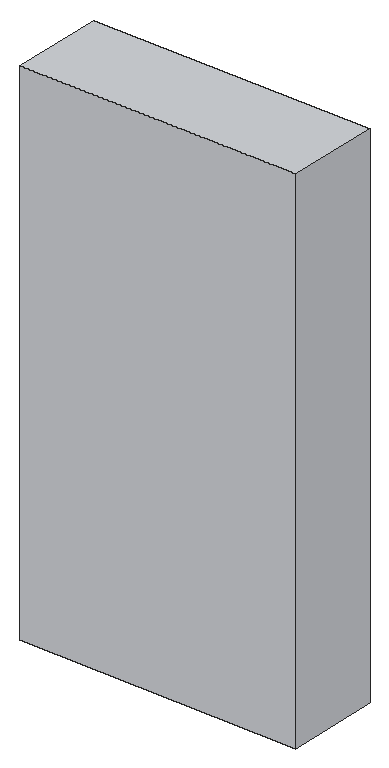
Revit family "SHG_Zentrale_V1700", category Sicherheitsgeräte, Revit 2017
Family settings
  Beschriftungsausrichtung beibehalten = Nein
  Bemaßung runder Anschluss = Durchmesser verwenden
  Teiletyp = Normal
  OmniClass-Nummer = 23.85.30.00
  OmniClass-Titel = Safety and Security Information Systems
  Arbeitsebenenbasiert = Ja
  Immer vertikal = Ja
  Beim Laden mit Abzugskörper schneiden = Ja
  Gemeinsam genutzt = Nein
  Raumberechnungspunkt = Nein
Parameters (values of type "Einbruchmeldezentrale")
  pbr_Material_KZ = ""
  pbr_Material = none
  pbr_E_Typ = ""
  pbr_E_KZ = ""
  pbr_DINBild = 0
  pbr_Bild = 0
  pbr_3Dx_Delta_Korrekturversatz [instance] = 0 mm
  pbr_3DX_Versatzfaktor [instance] = 0
  pbr_2DY_Versatzfaktor [instance] = 0
  pbr_2DX_Versatzfaktor [instance] = 0
  lfd_STRK [instance] = 0
  cpiFitMatchKey [instance] = "E-UVT"  # constant formula
  Zentrale [instance] = ""
  ZKZ = no
  YFrontversatz [instance] = if(pbr_2DY_Versatzfaktor = 300, 0 mm, pbr_2DY_Versatzfaktor * 300 mm)  # 0 mm
  XSeitenversatz [instance] = if([3DX_Versatzkontrolle] = 0, 2000 mm, 2000 mm + ([3DX_Versatzkontrolle] * (300 mm - Breite))) + pbr_3Dx_Delta_Korrekturversatz  # 2000 mm
  Vorgabe-Ansicht = 1200 mm
  Verkleidung [instance] = "Typ1"
  Typ [instance] = ""
  Tiefe [instance] = 200 mm
  Text3 [instance] = ""
  Text2 [instance] = ""
  Text1 [instance] = ""
  Planungsbüro Rohling = "www.pbr.de"
  Pfeilsymbol_b = 47.044 mm
  Niveau [instance] = 1200 mm
  Netzart = ""
  Menge(Dosenzahl) [instance] = 0
  Linie [instance] = ""
  Lastklassifizierung = none
  Installationsart [instance] = ""
  Installation [instance] = "Eingelassen"
  Info [instance] = ""
  Höhenwert [instance] = 0 mm
  Höhe [instance] = 1117.6 mm
  Gewerk [instance] = "EMA"
  Elementname [instance] = "Schalttafel 400V"
  EMZ = yes
  Durchmesser = 15 mm
  Bus [instance] = ""
  Breite [instance] = 600 mm
  Betriebsstrom ruhe [instance] = 0
  Betriebsstrom max [instance] = 0
  42Schaltkreishöhe = 1117.6 mm
  3DX_Versatzkontrolle [instance] = if(pbr_3DX_Versatzfaktor = 0, (pbr_2DX_Versatzfaktor * -1), (((-1 * pbr_3DX_Versatzfaktor) + pbr_2DX_Versatzfaktor) * -1))  # 0
  3DX_Versatz [instance] = if([3DX_Versatzkontrolle] = 0, 2000 mm, 2000 mm + ([3DX_Versatzkontrolle] * (300 mm - Breite))) + pbr_3Dx_Delta_Korrekturversatz  # 2000 mm
  30Schaltkreishöhe = 965.2 mm
  18Schaltkreishöhe = 965.2 mm
  12Schaltkreishöhe = 965.2 mm
Types (2, lengths in mm): name | ZKZ | Gewerk | EMZ
  Einbruchmeldezentrale | no | "EMA" | yes
  Zutrittskontrolle_Zentrale | yes | "ZK" | no
Reference planes
  plane 1 "Mitte (Vorne/Hinten)": y = 0
  plane 2: z = 0
  plane 3 "Mitte (Links/Rechts)": x = 0
  plane 4: y = 200
  plane 5: x = -300
  plane 6: x = 300
  plane 7 "Niveau": z = 1200
  plane 8: z = 2317.6
  plane 9: y = 100
Forms (mm)
  Extrusion 1, solid
    sketch origin (-17.916, -2.559, 0) x (1, 0, 0) y (0, 1, 0)
      loop
        line (-282.084, 2.559) -> (317.916, 2.559) -> (317.916, 202.559) -> (-282.084, 202.559) -> (-282.084, 2.559)
    from 1200 to 2317.6
Lines and regions (mm)
  model lines
    curve 1: line (-300, 200, 0) -> (300, 200, 0)
    curve 2: line (-300, 0, 0) -> (-300, 200, 0)
    curve 3: line (300, 0, 0) -> (-300, 0, 0)
    curve 4: line (300, 200, 0) -> (300, 0, 0)
Dimensions and locks
  equal spacing: plane 5, plane 3 "Mitte (Links/Rechts)", plane 6
  "Tiefe": plane 4 to plane 1 "Mitte (Vorne/Hinten)"
  "Breite": plane 5 to plane 6
  "Höhe": plane 8 to plane 7 "Niveau"
  "Niveau": plane 7 "Niveau" to level
  plane 3 "Mitte (Links/Rechts)" to Extrusion 1 = 300 mm
  equal spacing: plane 4, plane 9, plane 1 "Mitte (Vorne/Hinten)"
  aligned and locked: level to plane 2
  aligned and locked: plane 6 to Extrusion 1
  aligned and locked: plane 1 "Mitte (Vorne/Hinten)" to Extrusion 1
  aligned and locked: plane 4 to Extrusion 1
  aligned and locked: Extrusion 1 to plane 5
  aligned and locked: Extrusion 1 to plane 7 "Niveau"
  aligned and locked: plane 8 to Extrusion 1
  aligned and locked: curve 4 to plane 6
  aligned and locked: plane 5 to curve 2
  aligned and locked: curve 1 to plane 4
  aligned and locked: curve 3 to plane 1 "Mitte (Vorne/Hinten)"
  aligned and locked: plane 3 "Mitte (Links/Rechts)" to nested 1
  aligned and locked: plane 1 "Mitte (Vorne/Hinten)" to nested 1
  aligned and locked: plane 3 "Mitte (Links/Rechts)" to nested 2
  aligned and locked: plane 1 "Mitte (Vorne/Hinten)" to nested 2
Automatic sketch dimensions
  Extrusion 1 sketch curve to plane 4 = 0 mm
  Extrusion 1 sketch curve to plane 5 = 0 mm
  Extrusion 1 sketch curve to plane 6 = 0 mm
  plane 1 "Mitte (Vorne/Hinten)" to Extrusion 1 sketch curve = 0 mm
Nested families
  nested 1: "Einbruchmeldezentrale" at (0, 0, 0), visible <- "EMZ", type "Einbruchmeldezentrale"
    with Winkel 90.00°
  nested 2: "Zutrittskontrolle - Zentrale" at (0, 0, 0), visible <- "ZKZ", type "Zutrittskontrolle - Zentrale"
    with Winkel 90.00°
Connectors
  electrical at (0, 100, 2317.6)
    settings: on Extrusion 1, index 1, voltage 400 V, apparent load 0 VA, apparent load phase1 0 VA, apparent load phase2 0 VA, apparent load phase3 0 VA, power factor 1, load classification "Elektro", number of poles 3, system type 10, power factor state 1, is connector primary yes, connector utility no, sub classification motor no, connector description ""
  cabletrayconduit at (0, 100, 2317.6), diameter 15, driven by "Durchmesser"
    settings: on Extrusion 1, index 2, connector width 300 mm, connector height 300 mm, connector angle 0.00°, system type 32, placement type 0, profile type 0, connector reference index -1, is primary connector yes, connector utility param no, connector description ""
  cabletrayconduit at (0, 100, 1200), diameter 15, driven by "Durchmesser"
    settings: on Extrusion 1, index 3, connector width 300 mm, connector height 300 mm, connector angle 0.00°, system type 32, placement type 0, profile type 0, connector reference index -1, is primary connector no, connector utility param no, connector description ""
Definition of nested family "Einbruchmeldezentrale"
  Parameters (values of type "Einbruchmeldezentrale")
    Winkel [instance] = 90.00°
  Reference planes
    plane 1 "Mitte (Vorne/Hinten)": y = 0
    plane 2: z = 0
    plane 3 "Mitte (Links/Rechts)": x = 0
  Lines and regions (mm)
    detail lines, in view "Referenzebene"
      curve 1: line (-242.872, -2.795, 0) -> (257.128, -2.795, 0)
      curve 2: line (-242.872, 292.205, 0) -> (-242.872, -2.795, 0)
      curve 3: line (257.128, 292.205, 0) -> (-242.872, 292.205, 0)
      curve 4: line (257.128, -2.795, 0) -> (257.128, 292.205, 0)
      curve 5: line (-226.847, 6.659, 0) -> (238.014, 6.659, 0)
      curve 6: line (-226.847, 280.927, 0) -> (-226.847, 6.659, 0)
      curve 7: line (238.014, 280.927, 0) -> (-226.847, 280.927, 0)
      curve 8: line (238.014, 6.659, 0) -> (238.014, 280.927, 0)
  Dimensions and locks
    "Winkel": angle nested 1 to plane 3 "Mitte (Links/Rechts)"
  Automatic sketch dimensions
    curve 3 to plane 3 "Mitte (Links/Rechts)" = 242.872 mm
    curve 6 to plane 1 "Mitte (Vorne/Hinten)" = 6.659 mm
    curve 1 to curve 6 = 16.025 mm
    plane 3 "Mitte (Links/Rechts)" to curve 5 = 238.014 mm
    plane 1 "Mitte (Vorne/Hinten)" to curve 1 = 2.795 mm
    curve 5 to curve 1 = 19.115 mm
    curve 5 to curve 7 = 274.268 mm
    curve 7 to curve 3 = 11.278 mm
  Nested families
    nested 1: "text_Einbruchmeldezentrale" at (2.128, 148.69, 0), type "text_Einbruchmeldezentrale", in view "Referenzebene"
  Definition of nested family "text_Einbruchmeldezentrale"
    Parameters (values of type "text_Einbruchmeldezentrale")
      Z = yes
      M = yes
      E = yes
    Reference planes
      plane 1 "Mitte (Vorne/Hinten)": y = 0
      plane 2: z = 0
      plane 3 "Mitte (Links/Rechts)": x = 0
    Lines and regions (mm)
      Filled region 1, type "Beton", in view "Referenzebene", visible <- "Z"
        outline origin (-1975.912, -1031.448, 0) x (1, 0, 0) y (0, 1, 0)
          loop
            line (2073.449, 1120.011) -> (2073.449, 1099.19) -> (2173.479, 1099.19) -> (2063.348, 963.19) -> (2063.348, 942.626) -> (2203.348, 942.626) -> (2203.348, 963.19) -> (2090.349, 963.19) -> (2200.481, 1099.19) -> (2200.481, 1120.011) -> (2073.449, 1120.011)
      Filled region 2, type "Beton", in view "Referenzebene", visible <- "E"
        outline origin (1176.617, -1031.833, 0) x (1, 0, 0) y (0, 1, 0)
          loop
            line (-1402.305, 1120.011) -> (-1402.305, 942.626) -> (-1269.848, 942.626) -> (-1269.848, 963.574) -> (-1378.784, 963.574) -> (-1378.784, 1024.011) -> (-1280.634, 1024.011) -> (-1280.634, 1044.776) -> (-1378.784, 1044.776) -> (-1378.784, 1099.148) -> (-1273.998, 1099.148) -> (-1273.998, 1120.011) -> (-1402.305, 1120.011)
      Filled region 3, type "Beton", in view "Referenzebene", visible <- "M"
        outline origin (147.301, -1031.754, 0) x (1, 0, 0) y (0, 1, 0)
          loop
            line (-213.693, 942.626) -> (-213.693, 1096.081) -> (-162.227, 942.626) -> (-140.741, 942.626) -> (-89.682, 1090.913) -> (-89.682, 942.626) -> (-66.978, 942.626) -> (-66.978, 1120.011) -> (-98.249, 1120.011) -> (-150.482, 968.315) -> (-201.357, 1120.011) -> (-236.357, 1120.011) -> (-236.357, 942.626) -> (-213.693, 942.626)
Definition of nested family "Zutrittskontrolle - Zentrale"
  Parameters (values of type "Zutrittskontrolle - Zentrale")
    Winkel [instance] = 90.00°
  Reference planes
    plane 1 "Mitte (Vorne/Hinten)": y = 0
    plane 2: z = 0
    plane 3 "Mitte (Links/Rechts)": x = 0
  Lines and regions (mm)
    detail lines, in view "Referenzebene"
      curve 1: line (-242.872, -2.795, 0) -> (257.128, -2.795, 0)
      curve 2: line (-242.872, 292.205, 0) -> (-242.872, -2.795, 0)
      curve 3: line (257.128, 292.205, 0) -> (-242.872, 292.205, 0)
      curve 4: line (257.128, -2.795, 0) -> (257.128, 292.205, 0)
      curve 5: line (-226.847, 6.659, 0) -> (238.014, 6.659, 0)
      curve 6: line (-226.847, 280.927, 0) -> (-226.847, 6.659, 0)
      curve 7: line (238.014, 280.927, 0) -> (-226.847, 280.927, 0)
      curve 8: line (238.014, 6.659, 0) -> (238.014, 280.927, 0)
  Dimensions and locks
    "Winkel": angle nested 1 to plane 3 "Mitte (Links/Rechts)"
  Automatic sketch dimensions
    curve 3 to plane 3 "Mitte (Links/Rechts)" = 242.872 mm
    curve 6 to plane 1 "Mitte (Vorne/Hinten)" = 6.659 mm
    curve 1 to curve 6 = 16.025 mm
    plane 3 "Mitte (Links/Rechts)" to curve 5 = 238.014 mm
    plane 1 "Mitte (Vorne/Hinten)" to curve 1 = 2.795 mm
    curve 5 to curve 1 = 19.115 mm
    curve 5 to curve 7 = 274.268 mm
    curve 7 to curve 3 = 11.278 mm
  Nested families
    nested 1: "text_Zutrittskontrolle - Zentrale" at (0, 147.205, 0), type "text_Zutrittskontrolle - Zentrale", in view "Referenzebene"
  Definition of nested family "text_Zutrittskontrolle - Zentrale"
    Parameters (values of type "text_Zutrittskontrolle - Zentrale")
      Z = yes
      K = yes
    Reference planes
      plane 1 "Mitte (Vorne/Hinten)": y = 0
      plane 2: z = 0
      plane 3 "Mitte (Links/Rechts)": x = 0
    Lines and regions (mm)
      Filled region 1, type "Beton", in view "Referenzebene", visible <- "Z"
        outline origin (-2286.09, -1027.168, 0) x (1, 0, 0) y (0, 1, 0)
          loop
            line (2073.449, 1120.011) -> (2073.449, 1099.19) -> (2173.479, 1099.19) -> (2063.348, 963.19) -> (2063.348, 942.626) -> (2203.348, 942.626) -> (2203.348, 963.19) -> (2090.349, 963.19) -> (2200.481, 1099.19) -> (2200.481, 1120.011) -> (2073.449, 1120.011)
      Filled region 2, type "Beton", in view "Referenzebene", visible <- "Z"
        outline origin (-1973.957, -1030.709, 0) x (1, 0, 0) y (0, 1, 0)
          loop
            line (2073.449, 1120.011) -> (2073.449, 1099.19) -> (2173.479, 1099.19) -> (2063.348, 963.19) -> (2063.348, 942.626) -> (2203.348, 942.626) -> (2203.348, 963.19) -> (2090.349, 963.19) -> (2200.481, 1099.19) -> (2200.481, 1120.011) -> (2073.449, 1120.011)
      Filled region 3, type "Beton", in view "Referenzebene", visible <- "K"
        outline origin (372.23, -745.593, 0) x (1, 0, 0) y (0, 1, 0)
          loop
            line (-442.63, 834.589) -> (-442.63, 657.204) -> (-419.399, 657.204) -> (-419.399, 717.712) -> (-390.12, 746.99) -> (-327.251, 657.204) -> (-296.156, 657.204) -> (-373.798, 762.753) -> (-299.41, 834.589) -> (-331.613, 834.589) -> (-419.399, 746.803) -> (-419.399, 834.589) -> (-442.63, 834.589)
